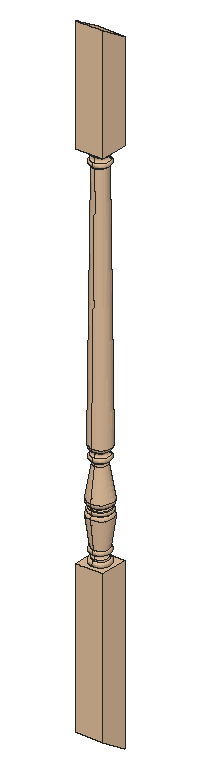
Revit family
Parameters (values of type "38mm Spindle")
  built-in parameter 1008623 [instance] = 32.47°
  Top Block Offset = 150 mm
  built-in parameter 1008625 [instance] = (empty or 0)
  Post = no
  Material = Wood - Cherry
  built-in parameter 1008624 [instance] = 32.47°
  Bottom Block Offset = 225 mm
  built-in parameter 1008622 [instance] = 900 mm
  Assembly Code = ""
Reference planes
  plane 1 "Center (Front/Back)": y = 0
  plane 2: z = 0
  plane 3 "Center (Left/Right)": x = 0
  plane 4 "Top": z = 900
  plane 5 "Top Angle Cut": through (0, 407.639, 640.605) normal (0, -0.5369, -0.8437)
  plane 6: z = 1128.6
  plane 7: y = 34.925
  plane 8: y = -34.925
  plane 9: x = -34.925
  plane 10: x = 34.925
  plane 11 "Bottom block Height at top": z = 225
  plane 12 "Top Block Bottom-offset from top": z = 750
  plane 13: through (0, 0, 0) normal (0, 0.5369, 0.8437)
  plane 14: z = -350
  plane 15: z = 370.105
  plane 16: z = 728.011
Forms (mm)
  Extrusion 1, void
    sketch origin (0, 0, 0) x (0, 1, 0) y (0, 0, 1)
      loop
        line (-34.925, 1128.6) -> (-34.925, 922.224) -> (34.925, 877.776) -> (34.925, 1128.6) -> (-34.925, 1128.6)
    from -34.925 to 50.8
  Extrusion 2, solid, material "Wood - Cherry" <- "Material"
    sketch origin (0, 0, 0) x (1, 0, 0) y (0, 1, 0)
      loop
        line (-19.05, -19.05) -> (19.05, -19.05) -> (19.05, 19.05) -> (-19.05, 19.05) -> (-19.05, -19.05)
    from -244.9 to 225 <- "Bottom Block Offset"
  Revolve 3, solid, material "Wood - Cherry" <- "Material"
    sketch origin (0, 0, 0) x (0, 1, 0) y (0, 0, 1)
      loop
        line (-16.876, 285.51) -> (-11.309, 244.939)
        arc (-11.309, 244.939) -> (-13.796, 242.697) -> (-11.822, 239.992) r 2.5
        arc (-11.822, 239.992) -> (-8.811, 236.919) -> (-10.496, 232.959) r 3.874
        line (-10.496, 232.959) -> (-10.496, 230.746)
        arc (-10.496, 230.746) -> (-14.171, 228.334) -> (-11.306, 225) r 2.926
        line (-11.306, 225) -> (0, 225) -> (0, 370.105) -> (-10.496, 370.105) -> (-10.496, 367.891)
        arc (-10.496, 367.891) -> (-9.249, 364.437) -> (-11.822, 361.818) r 3.448
        arc (-11.822, 361.818) -> (-13.796, 359.113) -> (-11.309, 356.871) r 2.5
        line (-11.309, 356.871) -> (-11.309, 355.674) -> (-9.832, 354.821)
        arc (-9.832, 354.821) -> (-9.239, 352.81) -> (-9.288, 350.715) r 6.787
        line (-9.288, 350.715) -> (-17.102, 306.398)
        arc (-17.102, 306.398) -> (-16.93, 302.896) -> (-13.983, 300.996) r 3.836
        line (-13.983, 300.996) -> (-13.983, 299.384)
        arc (-13.983, 299.384) -> (-12.831, 297.625) -> (-13.983, 295.866) r 1.919
        line (-13.983, 295.866) -> (-13.983, 295.037)
        arc (-13.983, 295.037) -> (-15.834, 293.187) -> (-13.983, 291.336) r 1.851
        line (-13.983, 291.336) -> (-13.983, 290.235)
        arc (-13.983, 290.235) -> (-16.277, 288.391) -> (-16.876, 285.51) r 4.357
      axis (0, 370.105) -> (0, 225)
    angle from 0 to 360
  Revolve 4, solid, material "Wood - Cherry" <- "Material"
    sketch origin (0, 0, 0) x (0, 1, 0) y (0, 0, 1)
      loop
        line (-11.309, 730.061) -> (-11.309, 728.864) -> (-9.832, 728.011) -> (0, 728.011) -> (0, 750) -> (-11.306, 750)
        arc (-11.306, 750) -> (-14.319, 746.519) -> (-10.496, 743.954) r 3.073
        line (-10.496, 743.954) -> (-10.496, 741.741)
        arc (-10.496, 741.741) -> (-8.949, 737.939) -> (-11.822, 735.008) r 3.74
        arc (-11.822, 735.008) -> (-13.796, 732.303) -> (-11.309, 730.061) r 2.5
      axis (0, 750) -> (0, 728.011)
    angle from 0 to 360
  Revolve 5, solid, material "Wood - Cherry" <- "Material"
    sketch origin (0, 0, 0) x (0, 1, 0) y (0, 0, 1)
      loop
        arc (-14.753, 374.174) -> (-13.509, 371.215) -> (-10.496, 370.105) r 4.029
        line (-10.496, 370.105) -> (0, 370.105) -> (0, 728.011) -> (-10.226, 728.011) -> (-14.753, 374.174)
      axis (0, 728.011) -> (0, 370.105)
    angle from 0 to 360
  Extrusion 6, solid, material "Wood - Cherry" <- "Material"
    sketch origin (0, 0, 0) x (1, 0, 0) y (0, 1, 0)
      loop
        line (-19.05, 19.05) -> (-19.05, -19.05) -> (19.05, -19.05) -> (19.05, 19.05) -> (-19.05, 19.05)
    from 750 to 1128.6
  Extrusion 7, void
    sketch origin (0, 0, 0) x (0, 1, 0) y (0, 0, 1)
      loop
        line (-34.925, 22.224) -> (-34.925, -350) -> (34.925, -350) -> (34.925, -22.224) -> (-34.925, 22.224)
    from -34.925 to 34.925
Cuts and joins
  Extrusion 1, Extrusion 7 cuts Extrusion 6
  Extrusion 7 cuts Extrusion 2
  Extrusion 7 cuts Revolve 3
  Extrusion 7 cuts Revolve 4
  Extrusion 7 cuts Revolve 5
Dimensions and locks
  "built-in parameter 1008622": plane 2 to plane 4 "Top"
  locked: plane 4 "Top" to plane 6 at 228.6
  locked: plane 9 to plane 10 at 69.85
  equal spacing: plane 9, plane 3 "Center (Left/Right)", plane 10
  equal spacing: plane 7, plane 1 "Center (Front/Back)", plane 8
  locked: plane 7 to plane 8 at 69.85
  "Top Block Offset": plane 12 "Top Block Bottom-offset from top" to plane 4 "Top"
  "Bottom Block Offset": plane 11 "Bottom block Height at top" to level
  locked: level to plane 14 at 350
  locked: plane 16 to plane 12 "Top Block Bottom-offset from top" at 21.989
  locked: plane 11 "Bottom block Height at top" to plane 15 at 145.105
  "built-in parameter 1008623": angle plane 4 "Top" to plane 5 "Top Angle Cut"
  "built-in parameter 1008624": angle level to plane 13
  aligned and locked: plane 9 to Extrusion 1
  aligned and locked: plane 6 to Extrusion 1 sketch curve
  aligned and locked: Extrusion 1 sketch curve to plane 7
  aligned and locked: Extrusion 1 sketch curve to plane 8
  aligned and locked: plane 12 "Top Block Bottom-offset from top" to Extrusion 6
  aligned and locked: Extrusion 6 to plane 6
  aligned and locked: Extrusion 2 sketch curve to cut or joined group of Extrusion 1, Extrusion 6, Extrusion 7  (x4)
  aligned and locked: plane 8 to Extrusion 7 sketch curve
  aligned and locked: Extrusion 7 sketch curve to plane 13
  aligned and locked: Extrusion 7 sketch curve to plane 7
  aligned and locked: plane 14 to Extrusion 7 sketch curve
  aligned and locked: plane 9 to Extrusion 7
  aligned and locked: Extrusion 7 to plane 10
  aligned and locked: plane 11 "Bottom block Height at top" to cut or joined group of Extrusion 2, Extrusion 7
  aligned and locked: Revolve 5 sketch curve to cut or joined group of Revolve 4, Extrusion 7
  aligned and locked: plane 16 to cut or joined group of Revolve 5, Extrusion 7
  aligned and locked: Revolve 4 sketch curve to plane 16
  aligned and locked: plane 15 to cut or joined group of Revolve 5, Extrusion 7
  aligned and locked: Revolve 3 sketch curve to plane 15
  aligned and locked: Revolve 5 sketch curve to plane 15
Automatic sketch dimensions
  Extrusion 1 sketch curve to plane 5 "Top Angle Cut" = 0 mm  (x2)
  Revolve 4 sketch curve to plane 12 "Top Block Bottom-offset from top" = 0 mm
  Revolve 4 sketch curve to plane 1 "Center (Front/Back)" = 0 mm  (x2)
  plane 1 "Center (Front/Back)" to Revolve 4 sketch curve = 9.832 mm
  plane 1 "Center (Front/Back)" to Revolve 4 sketch curve = 10.496 mm
  Revolve 4 sketch curve to Revolve 4 sketch curve = 0.778 mm
  Revolve 4 sketch curve to Revolve 4 sketch curve = 0.033 mm
  Revolve 4 sketch curve to Revolve 4 sketch curve = 1.477 mm
  Revolve 4 sketch curve to Revolve 4 sketch curve = 0.513 mm
  Revolve 4 sketch curve to Revolve 4 sketch curve = 0.795 mm
  Revolve 4 sketch curve to plane 14 = 101.6 mm
  Revolve 4 sketch curve to Revolve 4 sketch curve = 0.853 mm
  Revolve 4 sketch curve to Revolve 4 sketch curve = 1.197 mm
  Revolve 4 sketch curve to Revolve 4 sketch curve = 2.5 mm
  Revolve 4 sketch curve to Revolve 4 sketch curve = 2.213 mm
  Revolve 4 sketch curve to plane 6 = 101.6 mm
  Revolve 3 sketch curve to plane 11 "Bottom block Height at top" = 0 mm
  Revolve 3 sketch curve to plane 1 "Center (Front/Back)" = 0 mm  (x2)
  plane 1 "Center (Front/Back)" to Revolve 3 sketch curve = 9.288 mm
  Revolve 3 sketch curve to Revolve 3 sketch curve = 0.544 mm
  plane 1 "Center (Front/Back)" to Revolve 3 sketch curve = 10.496 mm  (x2)
  Revolve 3 sketch curve to Revolve 3 sketch curve = 0.778 mm
  Revolve 3 sketch curve to Revolve 3 sketch curve = 0.033 mm
  Revolve 3 sketch curve to Revolve 3 sketch curve = 1.477 mm
  plane 1 "Center (Front/Back)" to Revolve 3 sketch curve = 11.309 mm
  Revolve 3 sketch curve to Revolve 3 sketch curve = 0.513 mm  (x2)
  Revolve 3 sketch curve to Revolve 3 sketch curve = 0 mm  (x2)
  plane 1 "Center (Front/Back)" to Revolve 3 sketch curve = 12.561 mm
  Revolve 3 sketch curve to Revolve 3 sketch curve = 0.795 mm
  Revolve 3 sketch curve to Revolve 3 sketch curve = 2.122 mm
  plane 1 "Center (Front/Back)" to Revolve 3 sketch curve = 13.608 mm
  Revolve 3 sketch curve to Revolve 3 sketch curve = 0.375 mm  (x2)
  Revolve 3 sketch curve to Revolve 3 sketch curve = 0.768 mm
  Revolve 3 sketch curve to Revolve 3 sketch curve = 4.658 mm
  Revolve 3 sketch curve to Revolve 3 sketch curve = 4.315 mm
  Revolve 3 sketch curve to Revolve 3 sketch curve = 3.494 mm
  Revolve 3 sketch curve to plane 14 = 101.6 mm
  Revolve 3 sketch curve to Revolve 3 sketch curve = 2.926 mm
  Revolve 3 sketch curve to Revolve 3 sketch curve = 2.213 mm  (x2)
  Revolve 3 sketch curve to Revolve 3 sketch curve = 3.241 mm
  Revolve 3 sketch curve to Revolve 3 sketch curve = 0.606 mm
  Revolve 3 sketch curve to Revolve 3 sketch curve = 1.101 mm
  Revolve 3 sketch curve to Revolve 3 sketch curve = 1.759 mm
  Revolve 3 sketch curve to Revolve 3 sketch curve = 44.316 mm
  Revolve 3 sketch curve to Revolve 3 sketch curve = 1.204 mm
  Revolve 3 sketch curve to Revolve 3 sketch curve = 0.853 mm
  Revolve 3 sketch curve to Revolve 3 sketch curve = 1.197 mm
  Revolve 3 sketch curve to Revolve 3 sketch curve = 2.5 mm
  Revolve 3 sketch curve to plane 6 = 101.6 mm
  Revolve 3 sketch curve to Revolve 3 sketch curve = 20.889 mm
  Revolve 3 sketch curve to Revolve 3 sketch curve = 1.851 mm
  Revolve 3 sketch curve to Revolve 3 sketch curve = 0.828 mm
  Revolve 3 sketch curve to Revolve 3 sketch curve = 1.612 mm
  Revolve 5 sketch curve to plane 1 "Center (Front/Back)" = 0 mm  (x2)
  plane 1 "Center (Front/Back)" to Revolve 5 sketch curve = 10.226 mm
  plane 1 "Center (Front/Back)" to Revolve 5 sketch curve = 10.496 mm
  Revolve 5 sketch curve to Revolve 5 sketch curve = 0.229 mm
  Revolve 5 sketch curve to Revolve 5 sketch curve = 4.029 mm
  Revolve 5 sketch curve to plane 14 = 101.6 mm
  Revolve 5 sketch curve to Revolve 5 sketch curve = 4.022 mm
  Revolve 5 sketch curve to plane 6 = 101.6 mm
  Revolve 4 sketch curve to Revolve 4 sketch curve = 3.654 mm
